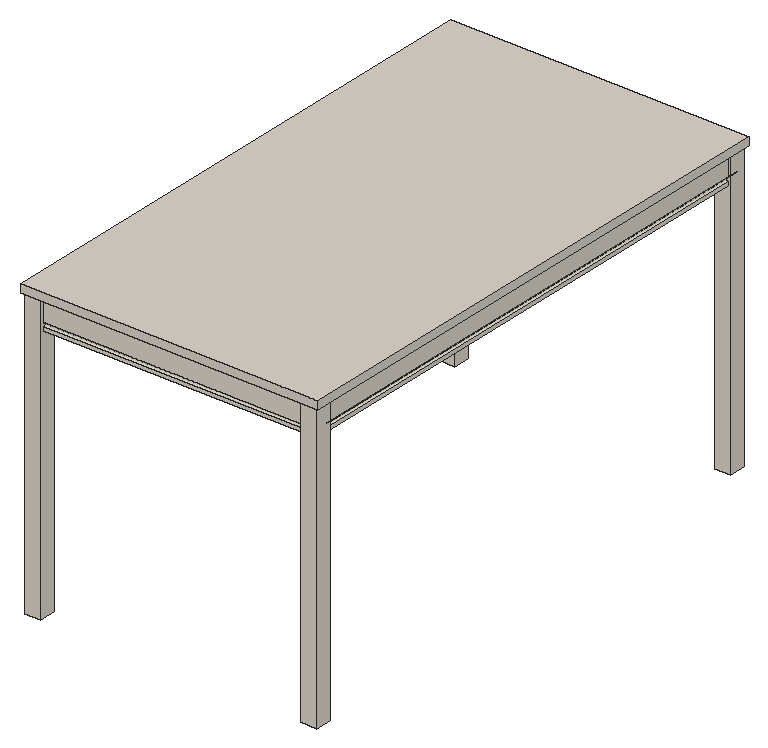
Revit family "IKEA JOKKMOKK table", category Мебель, Revit 2017
Family settings
  Номер OmniClass = 23.40.20.00
  Заголовок OmniClass = General Furniture and Specialties
  На основе рабочей плоскости = Нет
  Всегда вертикально = Да
  При загрузке вырезать с полостями = Нет
  Общий = Нет
  Точка расчета площади = Нет
Parameters (values of type "74x134")
  frame = IKEA natural wood
  Width = 740 mm
  Height = 736 mm
  Depth = 1340 mm
Types (2, lengths in mm): name | Depth
  74x134 | 1340
  74x74 | 744
Reference planes
  plane 1 "Center (Front/Back)": y = 0
  plane 2: z = 0
  plane 3 "Center (Left/Right)": x = 0
  plane 4: y = 670
  plane 5: y = -670
  plane 6: x = -370
  plane 7: x = 370
  plane 8: z = 736
  plane 9: z = 380
  plane 10: z = 1206
Forms (mm)
  Extrusion 1, solid, material "IKEA natural wood" <- "frame"
    sketch origin (0, 0, 0) x (1, 0, 0) y (0, 1, 0)
      loop
        line (-370, 670) -> (-370, -670) -> (370, -670) -> (370, 670) -> (-370, 670)
    from 716 to 736
  Sweep 2, solid, material "IKEA natural wood" <- "frame"
    path origin (0, 0, 736) x (1, 0, 0) y (0, 1, 0)
      loop
        line (-356, 656) -> (-356, -656) -> (356, -656) -> (356, 656) -> (-356, 656)
    profile origin (-356, 0, 736) x (1, 0, 0) y (0, 0, 1)
      loop
        line (0, -20) -> (0, -77)
        arc (0, -77) -> (4, -81) -> (0, -85) r 4
        line (0, -85) -> (0, -95) -> (15, -95) -> (15, -20) -> (0, -20)
  Extrusion 3, solid, material "IKEA natural wood" <- "frame"
    sketch origin (0, -692, 0) x (1, 0, 0) y (0, 1, 0)
      loop
        line (-364, 68) -> (-364, 28) -> (-324, 28) -> (-324, 68) -> (-364, 68)
    from 0 to 716
  Extrusion 4, solid, material "IKEA natural wood" <- "frame"
    sketch origin (0, 0, 0) x (1, 0, 0) y (0, 1, 0)
      loop
        line (-364, 664) -> (-364, 624) -> (-324, 624) -> (-324, 664) -> (-364, 664)
    from 0 to 716
  Extrusion 5, solid, material "IKEA natural wood" <- "frame"
    sketch origin (0, -692, 0) x (-1, 0, 0) y (0, -1, 0)
      loop
        line (-364, -68) -> (-324, -68) -> (-324, -28) -> (-364, -28) -> (-364, -68)
    from 0 to 716
  Extrusion 6, solid, material "IKEA natural wood" <- "frame"
    sketch origin (0, 0, 0) x (-1, 0, 0) y (0, -1, 0)
      loop
        line (-364, -664) -> (-324, -664) -> (-324, -624) -> (-364, -624) -> (-364, -664)
    from 0 to 716
Dimensions and locks
  equal spacing: plane 6, plane 3 "Center (Left/Right)", plane 7
  "Width": plane 6 to plane 7
  equal spacing: plane 4, plane 1 "Center (Front/Back)", plane 5
  "Depth": plane 4 to plane 5
  plane 8 to plane 2 = 736 mm
  "Height": plane 8 to level
  plane 10 to plane 8 = 470 mm
  aligned and locked: level to plane 2
  aligned and locked: Extrusion 1 sketch curve to plane 4
  aligned and locked: Extrusion 1 sketch curve to plane 6
  aligned and locked: Extrusion 1 sketch curve to plane 5
  aligned and locked: Extrusion 1 sketch curve to plane 7
Automatic sketch dimensions
  Sweep 2 sketch curve to profile plane = 0 mm
  Sweep 2 sketch curve to Sweep 2 sketch curve = 15 mm
  Sweep 2 sketch curve to profile plane = 95 mm
  Sweep 2 sketch curve to Sweep 2 sketch curve = 10 mm
  Sweep 2 sketch curve to Sweep 2 sketch curve = 4 mm
  Sweep 2 sketch curve to profile plane = 20 mm
  plane 6 to Extrusion 3 sketch curve = 6 mm
  plane 5 to Extrusion 3 sketch curve = 6 mm
  Extrusion 3 sketch curve to Extrusion 3 sketch curve = 40 mm  (x2)
  plane 6 to Extrusion 4 sketch curve = 6 mm
  Extrusion 4 sketch curve to Extrusion 4 sketch curve = 40 mm
  Extrusion 4 sketch curve to plane 4 = 46 mm
  Extrusion 4 sketch curve to plane 4 = 6 mm
  plane 7 to Extrusion 5 sketch curve = 6 mm
  Extrusion 5 sketch curve to plane 5 = 6 mm
  Extrusion 5 sketch curve to Extrusion 5 sketch curve = 40 mm  (x2)
  plane 7 to Extrusion 6 sketch curve = 6 mm
  Extrusion 6 sketch curve to Extrusion 6 sketch curve = 40 mm
  plane 4 to Extrusion 6 sketch curve = 46 mm
  plane 4 to Extrusion 6 sketch curve = 6 mm
  Sweep 2 sketch curve to Extrusion 1 = 14 mm  (x4)
